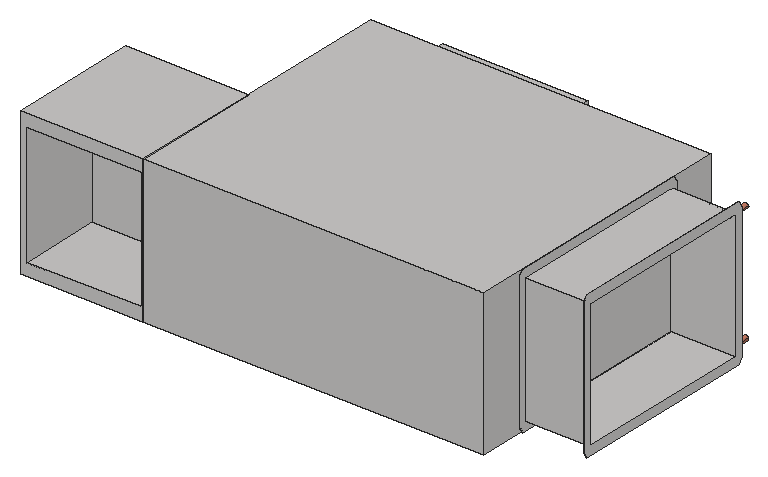
Revit family
Parameters
  Width = 3' - 3"
  Voltage = 277 V
  Unit Weight = if(Number of Rows = 1, "272.0 lbs", if(Number of Rows = 2, "277.0 lbs", "0"))  # "272.0 lbs"
  UltraLoc Liner = Choose Liner Option = 3  # no
  URL = "http://www.titus-hvac.com/"
  UL = "181"
  Supply Air Flow [instance] = 0 CFM
  SteriLoc Liner = Choose Liner Option = 2  # no
  Secondary Material = Copper Connectors
  Primary Air Pressure Drop [instance] = 0.00 in-wg
  Primary Air Flow [instance] = 0 CFM
  Pressure [instance] = 0.00 psi
  Plenum Air Pressure Drop [instance] = 0.00 in-wg
  Plenum Air Flow [instance] = 0 CFM
  Outlet Width = 2' - 1"
  Outlet Height = 1' - 5 1/2"
  Number of Rows = 1
  Number of Poles = 1
  Nominal Width = Width + 0' 6 1/4"  # 3' - 9 1/4"
  Nominal Length = Length + 1' 4 7/8" + 0' 9"  # 6' - 0 5/8"
  Nominal Inlet Size = 0' - 10"
  Nominal Height = 1' - 8"
  NFPA = "90A"
  Motor Full Load Amps [instance] = 3 A
  Model = "DTFS-F"
  Min. Air Flow = 0 CFM
  Max. Air Flow = 1400 CFM
  Material = Galvanized Steel
  Manufacturer = "Titus"
  Length = 3' - 10 3/4"
  Juction Box Offset = 0' - 4 7/8"
  Inlet Diameter = Nominal Inlet Size - 0' 0 1/8"  # 0' - 9 7/8"
  Induced Air Inlet Width = 1' - 4 7/8"
  Induced Air Inlet Offset = (Nominal Height - Induced Air Inlet Connection Height) / 2  # 0' - 1 11/16"
  Induced Air Inlet Height = 1' - 6 1/8"
  Induced Air Inlet Connection Width = 1' - 3 3/4"
  Induced Air Inlet Connection Height = 1' - 4 5/8"
  Induced Air Filter = no
  Heating Total Capacity [instance] = 0 Btu/h
  Heating Entering Water Temp = 0 °F
  Half Outlet Width = 1' - 0 1/2"
  Half Outlet Connection Width = Outlet Width / 2  # 1' - 0 1/2"
  Half Outlet Connection Height = Outlet Height / 2  # 0' - 8 3/4"
  Half Height Start = -(Nominal Height / 2)  # -0' - 10"
  Half Height End = Nominal Height / 2  # 0' - 10"
  HWC Option = HWC Section : D-E - 1 Row
  HWC Connector Radius = 5/16"
  HWC Connector Length = 0' - 3"
  HP-Motor = "1/3"
  Gallons Per Minute [instance] = 0 GPM
  Frequency = 60 Hz
  Flange Offset = 0' - 1 1/4"
  Filter Size = "18\"x17\""
  Fiber Free Liner = Choose Liner Option = 1  # no
  Fan Disconnect Switch = no
  Duct Radius = Nominal Inlet Size / 2  # 0' - 5"
  Description = "Ultra Quiet Series Fan Powered Terminal Unit, Direct Digital Control, Pressure Independent"
  Connector Vertical Offset = if(Number of Rows = 1, 1' 4 1/4", if(Number of Rows = 2, 1' 4 3/4", 0' 0"))  # 1' - 4 1/4"
  Connector Horizontal Offset = if(Number of Rows = 1, 0' 0", if(Number of Rows = 2, 0' 1", 0' 0"))  # 0' - 0"
  Connection Void Radius = Connection Radius - 0' 0 1/4"  # 0' - 4 11/16"
  Connection Radius = Inlet Diameter / 2  # 0' - 4 15/16"
  Choose Liner Option = 0
  CADworks URL = "www.CADworks.net"
  Assembly Code = "D3040100"
  Apparent Power [instance] = Voltage * Motor Full Load Amps  # 831 VA
  Air Inlet Offset = 0' - 7"
  1/2" Fiberglass Liner = Choose Liner Option = 0  # yes
  1" Fiberglass Liner = Choose Liner Option = 4  # no
Reference planes (in)
  plane 1 "Center (Front/Back)": y = 0
  plane 2: z = 0
  plane 3 "Center (Left/Right)": x = 3
  plane 4: x = -20.375
  plane 5: x = 26.375
  plane 6: x = -15.5
  plane 7: x = -23.75
  plane 8 "Center (Elevation)": z = 0
  plane 9: y = -19.5
  plane 10: y = 19.5
  plane 11: y = 12.5
  plane 12: y = -8.25
  plane 13: z = 0.6875
  plane 14: z = -6.875
  plane 15: x = 35.375
  plane 16: x = 34.375
  plane 17: x = 34.375
  plane 18: y = 15.5
  plane 19: z = -8.125
  plane 20: z = 8.125
  plane 21: y = -12.5
  plane 22: y = 12.5
  plane 23: y = 25.75
  plane 24: x = -37.25
  plane 25: z = 10
  plane 26: z = -10
Forms (in)
  Extrusion 1, solid, material "Galvanized Steel" <- "Material"
    sketch origin (0, 0, 0) x (1, 0, 0) y (0, 1, 0)
      loop
        line (-20.375, 19.5) -> (-20.375, -19.5) -> (26.375, -19.5) -> (26.375, 19.5) -> (-20.375, 19.5)
    from -10 <- "Half Height Start" to 10 <- "Half Height End"
  Extrusion 2, solid, material "Galvanized Steel" <- "Material"
    sketch origin (0, 0, 0) x (1, 0, 0) y (0, 1, 0)
      loop
        line (-37.25, -1.375) -> (-37.25, -19.5) -> (-20.375, -19.5) -> (-20.375, -1.375) -> (-37.25, -1.375)
    from -10 <- "Half Height Start" to 10 <- "Half Height End"
  Extrusion 3, void, detail levels fine
    sketch origin (0, -19.5, 0) x (1, 0, 0) y (0, 0, -1)
      loop
        line (-20.625, 8.3125) -> (-36.375, 8.3125) -> (-36.375, -8.3125) -> (-20.625, -8.3125) -> (-20.625, 8.3125)
    from 0 to 11.25
  Extrusion 4, solid, material "Galvanized Steel" <- "Material"
    sketch origin (3.125, 0, 0) x (1, 0, 0) y (0, 1, 0)
      loop
        line (-18.625, 19.5) -> (1.375, 19.5) -> (1.375, 25.75) -> (-18.625, 25.75) -> (-18.625, 19.5)
    from -6 to 6
  Extrusion 5, solid, material "Galvanized Steel" <- "Material"
    sketch origin (-24.875, -3, 0) x (0, 0, -1) y (0, 1, 0)
      loop
        circle (0, 15.5) r 4.9375
    from 1.125 to 4.5
  Extrusion 6, void, detail levels fine
    sketch origin (-24.875, 0, 0) x (0, 1, 0) y (0, 0, 1)
      loop
        circle (12.5, 0) r 4.6875
    from 1.125 to 9.375
  Extrusion 7, void, detail levels fine
    sketch origin (35.375, -12.5, 8.75) x (0, 0, 1) y (0, -1, 0)
      loop
        line (-17.5, 0) -> (-17.5, -25) -> (0, -25) -> (0, 0) -> (-17.5, 0)
    from -0.0625 to 0
  Extrusion 8, solid, material "Copper Connectors" <- "Secondary Material", detail levels fine
    sketch origin (0, 0, 0) x (1, 0, 0) y (0, 0, 1)
      loop
        circle (34.375, 8.125) r 0.3125
    from -15.5 to -12.5625
  Extrusion 9, solid, material "Copper Connectors" <- "Secondary Material", detail levels fine
    sketch origin (0, 0, 0) x (1, 0, 0) y (0, 0, 1)
      loop
        circle (34.375, -8.125) r 0.3125
    from -15.5 to -12.5625
Cuts and joins
  Extrusion 3 cuts Extrusion 2
  Extrusion 6 cuts Extrusion 1
  Extrusion 6 cuts Extrusion 5
Dimensions and locks (in)
  "Length": plane 5 to plane 4
  equal spacing: plane 5, plane 3 "Center (Left/Right)", plane 4
  locked: Extrusion 4 to Extrusion 4 at 20
  "Juction Box Offset": plane 6 to plane 4
  locked: plane 4 to plane 7 at 3.375
  "Width": plane 9 to plane 10
  equal spacing: plane 9, plane 1 "Center (Front/Back)", plane 10
  locked: Extrusion 5 sketch curve to level at 0
  locked: Extrusion 5 sketch curve to plane 11 at 0
  locked: Extrusion 6 sketch curve to level at 0
  locked: Extrusion 6 sketch curve to plane 11 at 0
  locked: Extrusion 4 to Extrusion 4 at 6.25
  locked: Extrusion 4 to Extrusion 4 at 12
  equal spacing: Extrusion 4, plane 8 "Center (Elevation)", Extrusion 4
  locked: plane 12 to plane 9 at 11.25
  "Air Inlet Offset": plane 10 to plane 11
  "Induced Air Inlet Height": cut or joined group of Extrusion 2, Extrusion 3 to cut or joined group of Extrusion 2, Extrusion 3
  locked: cut or joined group of Extrusion 5, Extrusion 6 to cut or joined group of Extrusion 5, Extrusion 6 at 3.375
  locked: plane 12 to plane 12 at 0
  "Induced Air Inlet Connection Height": Extrusion 3 sketch curve to Extrusion 3 sketch curve
  "Induced Air Inlet Offset": Extrusion 3 sketch curve to cut or joined group of Extrusion 2, Extrusion 3
  "Induced Air Inlet Connection Width": Extrusion 3 sketch curve to Extrusion 3 sketch curve
  locked: Extrusion 3 sketch curve to cut or joined group of Extrusion 1, Extrusion 6 at 0.25
  "Connector Vertical Offset": plane 20 to plane 19
  equal spacing: plane 20, plane 8 "Center (Elevation)", plane 19
  locked: plane 15 to plane 5 at 9
  locked: plane 15 to plane 16 at 1
  "Connector Horizontal Offset": plane 16 to plane 17
  locked: Extrusion 8 sketch curve to plane 17 at 0
  locked: Extrusion 8 sketch curve to plane 20 at 0
  locked: Extrusion 9 sketch curve to plane 16 at 0
  locked: Extrusion 9 sketch curve to plane 19 at 0
  "HWC Connector Length": plane 18 to plane 22
  locked: cut or joined group of Extrusion 1, Extrusion 6 to Extrusion 7 at 9
  locked: cut or joined group of Extrusion 2, Extrusion 3 to cut or joined group of Extrusion 2, Extrusion 3 at 16.875
  locked: cut or joined group of Extrusion 2, Extrusion 3 to cut or joined group of Extrusion 2, Extrusion 3 at 20
  equal spacing: cut or joined group of Extrusion 2, Extrusion 3, plane 8 "Center (Elevation)", cut or joined group of Extrusion 2, Extrusion 3
  locked: cut or joined group of Extrusion 1, Extrusion 6 to cut or joined group of Extrusion 1, Extrusion 6 at 20
  equal spacing: cut or joined group of Extrusion 1, Extrusion 6, plane 8 "Center (Elevation)", cut or joined group of Extrusion 1, Extrusion 6
  locked: nested 1 to cut or joined group of Extrusion 1, Extrusion 6 at 1.1875
  locked: cut or joined group of Extrusion 1, Extrusion 6 to nested 1 at 1.1875
  "Connection Radius": radius of Extrusion 5 sketch curve
  "Connection Void Radius": radius of Extrusion 6 sketch curve
  "HWC Connector Radius": radius of Extrusion 8 sketch curve
  "HWC Connector Radius": radius of Extrusion 9 sketch curve
  aligned and locked: plane 10 to Extrusion 4
  aligned and locked: plane 6 to Extrusion 4
  aligned and locked: plane 7 to cut or joined group of Extrusion 5, Extrusion 6
  aligned and locked: plane 18 to Extrusion 8
  aligned and locked: plane 18 to Extrusion 9
  aligned and locked: plane 9 to cut or joined group of Extrusion 2, Extrusion 3  (x3)
  aligned and locked: plane 5 to nested 1
  aligned and locked: plane 15 to nested 1
  aligned and locked: plane 18 to nested 1  (x2)
  aligned and locked: plane 21 to nested 1
  aligned and locked: plane 22 to nested 1
  aligned and locked: plane 5 to cut or joined group of Extrusion 1, Extrusion 6
  aligned and locked: cut or joined group of Extrusion 1, Extrusion 6 to nested 1
  aligned and locked: cut or joined group of Extrusion 1, Extrusion 6 to plane 10
  aligned and locked: Extrusion 4 to cut or joined group of Extrusion 1, Extrusion 6  (x2)
  aligned and locked: cut or joined group of Extrusion 1, Extrusion 6 to plane 4
  aligned and locked: plane 9 to cut or joined group of Extrusion 1, Extrusion 6
  aligned and locked: cut or joined group of Extrusion 5, Extrusion 6 to cut or joined group of Extrusion 1, Extrusion 6
  aligned and locked: nested 1 to cut or joined group of Extrusion 1, Extrusion 6
  aligned and locked: plane 6 to Extrusion 6
  aligned and locked: Extrusion 6 to plane 7
  aligned and locked: Extrusion 3 to plane 12
  aligned and locked: plane 23 to Extrusion 4
  aligned and locked: plane 24 to cut or joined group of Extrusion 2, Extrusion 3
  aligned and locked: plane 25 to cut or joined group of Extrusion 2, Extrusion 3
  aligned and locked: plane 26 to cut or joined group of Extrusion 2, Extrusion 3
  aligned and locked: plane 26 to cut or joined group of Extrusion 1, Extrusion 6
  aligned and locked: plane 25 to cut or joined group of Extrusion 1, Extrusion 6
Automatic sketch dimensions
  Extrusion 1 sketch curve to plane 4 = 0' - 0"
  Extrusion 1 sketch curve to plane 5 = 0' - 0"
  Extrusion 1 sketch curve to plane 9 = 0' - 0"
  Extrusion 1 sketch curve to plane 10 = 0' - 0"
  Extrusion 2 sketch curve to plane 4 = 0' - 0"
  Extrusion 2 sketch curve to plane 9 = 0' - 0"
  plane 1 "Center (Front/Back)" to Extrusion 2 sketch curve = 0' - 1 3/8"
  Extrusion 4 sketch curve to plane 6 = 0' - 0"
  Extrusion 4 sketch curve to plane 10 = 0' - 0"
  plane 3 "Center (Left/Right)" to Extrusion 4 sketch curve = 0' - 1 1/2"
  Extrusion 4 sketch curve to plane 10 = 0' - 6 1/4"
  Extrusion 2 sketch curve to plane 7 = 1' - 1 1/2"
  Extrusion 7 sketch curve to nested 1 = 0' - 0"  (x4)
Nested families (in)
  nested 1: "HWC Section" at (30.875, 0, 0) x (0, 1, 0) z (0, 0, 1), type <- "HWC Option", type "D-E - 1 Row"
Connectors (in)
  electrical at (-5.5, 25.75, 0), driven by "Apparent Power", driven by "Voltage", driven by "Number of Poles"
    settings: on Extrusion 4, index 8
  hvac at (-23.75, 12.5, 0), driven by "Duct Radius", driven by "Primary Air Pressure Drop", driven by "Primary Air Flow"
    settings: on cut or joined group of Extrusion 5, Extrusion 6, index 9
  hvac at (-28.5, -19.5, 0), driven by "Induced Air Inlet Connection Height", driven by "Induced Air Inlet Connection Width", driven by "Plenum Air Pressure Drop", driven by "Plenum Air Flow"
    settings: on cut or joined group of Extrusion 2, Extrusion 3, index 11
  hvac at (35.375, 0, 0), driven by "Outlet Height", driven by "Outlet Width", driven by "Supply Air Flow"
    settings: on Extrusion 7, index 12
  piping at (34.375, 15.5, 8.125), driven by "Gallons Per Minute", driven by "Pressure", driven by "HWC Connector Radius"
    settings: on Extrusion 8, index 13
  piping at (34.375, 15.5, -8.125), driven by "Gallons Per Minute", driven by "HWC Connector Radius", driven by "Pressure"
    settings: on Extrusion 9, index 14
Definition of nested family "HWC Section"
  Parameters (values of type "B-C - 1 Row")
    Visibility = yes
    Secondary Material = Copper Connectors
    Number of Rows = 1
    Material = Galvanized Steel
    Half Width = HWC Width / 2  # 0' - 10 1/4"
    Half Length-Start = -(HWC Length / 2)  # -0' - 4 1/2"
    Half Length-End = HWC Length / 2  # 0' - 4 1/2"
    HWC Connection Radius = 5/16"
    Flange Offset = 0' - 1"
    Duct Vertical Offset = HWC Height - 0' 0 1/2"  # 1' - 0"
    Duct Horizontal Offset = HWC Width - 0' 0 1/2"  # 1' - 8"
    Connector Vertical Offset = 0' - 11 3/4"
    HWC Width = 1' - 8 1/2"
    HWC Height = 1' - 0 1/2"
    HWC Length = 0' - 9"  # constant formula
    Gallons Per Minute = 0 GPM
    Connector Length = 0' - 3"
    Connector Horizontal Offset = 0' - 0"
  Types (5): name | Number of Rows | Half Width | Flange Offset | Duct Vertical Offset | Duct Horizontal Offset | Connector Vertical Offset | HWC Width | HWC Height | Connector Horizontal Offset
    (no name) | 1 | 0' - 10 1/4" | 0' - 1" | 1' - 0" | 1' - 8" | 0' - 11 3/4" | 1' - 8 1/2" | 1' - 0 1/2" | 0' - 0"
    B-C - 1 Row | 1 | 0' - 10 1/4" | 0' - 1" | 1' - 0" | 1' - 8" | 0' - 11 3/4" | 1' - 8 1/2" | 1' - 0 1/2" | 0' - 0"
    B-C - 2 Row | 2 | 0' - 10 1/4" | 0' - 1" | 1' - 0" | 1' - 8" | 0' - 11 3/4" | 1' - 8 1/2" | 1' - 0 1/2" | 0' - 1"
    D-E - 1 Row | 1 | 1' - 0 1/2" | 0' - 1 1/4" | 1' - 5" | 2' - 0 1/2" | 1' - 4 1/4" | 2' - 1" | 1' - 5 1/2" | 0' - 0"
    D-E - 2 Row | 2 | 1' - 0 1/2" | 0' - 1 1/4" | 1' - 5" | 2' - 0 1/2" | 1' - 4 3/4" | 2' - 1" | 1' - 5 1/2" | 0' - 1"
  Reference planes (in)
    plane 1 "Center (Front/Back)": y = 0
    plane 2: z = 0
    plane 3 "Center (Left/Right)": x = 0
    plane 4: x = -10.25
    plane 5: x = 10.25
    plane 6: y = 4.5
    plane 7: y = -4.5
    plane 8: z = 6.25
    plane 9: z = -6.25
    plane 10: z = 5.875
    plane 11: z = -5.875
    plane 12: y = 3.5
    plane 13: y = 3.5
    plane 14: x = 13.25
  Forms (in)
    Extrusion 1, solid, material "Galvanized Steel" <- "Material", visible <- "Visibility"
      sketch origin (0, 0, 0) x (1, 0, 0) y (0, 0, 1)
        loop
          line (-10.3125, 6.3125) -> (-10.3125, -6.3125) -> (10.3125, -6.3125) -> (10.3125, 6.3125) -> (-10.3125, 6.3125)
      from -4.375 <- "Half Length-Start" to 4.5 <- "Half Length-End"
    Extrusion 2, void, detail levels fine
      sketch origin (0, 0, 0) x (1, 0, 0) y (0, 0, 1)
        loop
          line (-10.25, -6.25) -> (10.25, -6.25) -> (10.25, 6.25) -> (-10.25, 6.25) -> (-10.25, -6.25)
      from -4.5 <- "Half Length-Start" to 4.5 <- "Half Length-End"
    Extrusion 3, solid, material "Copper Connectors" <- "Secondary Material", visible <- "Visibility"
      sketch origin (6, 2.625, 0) x (0, 1, 0) y (0, 0, 1)
        loop
          circle (0.875, -5.875) r 0.3125
      from 4.3125 to 7.25
    Extrusion 4, solid, material "Galvanized Steel" <- "Material", visible <- "Visibility"
      sketch origin (0, -4.375, 0) x (1, 0, 0) y (0, 0, 1)
        loop
          line (-10.25, 6.25) -> (-10.25, -6.25) -> (10.25, -6.25) -> (10.25, 6.25) -> (-10.25, 6.25)
        loop
          line (-11.25, 6.75) -> (-11.25, -6.75) -> (-10.75, -7.25) -> (10.75, -7.25) -> (11.25, -6.75) -> (11.25, 6.75) -> (10.75, 7.25) -> (-10.75, 7.25) -> (-11.25, 6.75)
      from 0 to 0.125
    Extrusion 5, solid, material "Copper Connectors" <- "Secondary Material", visible <- "Visibility"
      sketch origin (6, -0.5, 0) x (0, 1, 0) y (0, 0, 1)
        loop
          circle (4, 5.875) r 0.3125
      from 4.3125 to 7.25
    Extrusion 6, solid, material "Galvanized Steel" <- "Material", visible <- "Visibility"
      sketch origin (0, 4.375, 0) x (1, 0, 0) y (0, 0, -1)
        loop
          line (-10.25, -6.25) -> (10.25, -6.25) -> (10.25, 6.25) -> (-10.25, 6.25) -> (-10.25, -6.25)
        loop
          line (-11.25, -6.75) -> (-10.75, -7.25) -> (10.75, -7.25) -> (11.25, -6.75) -> (11.25, 6.75) -> (10.75, 7.25) -> (-10.75, 7.25) -> (-11.25, 6.75) -> (-11.25, -6.75)
      from 0 to 0.125
  Cuts and joins
    Extrusion 2 cuts Extrusion 1
    joined: Extrusion 1, Extrusion 4, Extrusion 6
  Dimensions and locks (in)
    "HWC Width": plane 4 to plane 5
    equal spacing: plane 4, plane 3 "Center (Left/Right)", plane 5
    "HWC Height": plane 8 to plane 9
    equal spacing: plane 8, plane 2, plane 9
    equal spacing: plane 10, plane 2, plane 11
    locked: plane 12 to plane 6 at 1
    "Connector Horizontal Offset": plane 13 to plane 12
    locked: plane 7 to Extrusion 4 at 0.125
    locked: Extrusion 6 to plane 6 at 0.125
    locked: plane 4 to Extrusion 1 sketch curve at 0.0625
    locked: Extrusion 4 to Extrusion 1 sketch curve at 0.0625
    locked: Extrusion 1 sketch curve to plane 8 at 0.0625
    locked: plane 9 to Extrusion 1 sketch curve at 0.0625
    "Connector Length": plane 5 to plane 14
    "HWC Length": plane 6 to plane 7
    equal spacing: plane 6, plane 1 "Center (Front/Back)", plane 7
    "Connector Vertical Offset": plane 10 to plane 11
    equal spacing: plane 10, level, plane 11
    "HWC Width": Extrusion 4 sketch curve to Extrusion 4 sketch curve
    equal spacing: Extrusion 4 sketch curve, plane 3 "Center (Left/Right)", Extrusion 4 sketch curve
    "HWC Height": Extrusion 4 sketch curve to Extrusion 4 sketch curve
    equal spacing: Extrusion 4 sketch curve, plane 2, Extrusion 4 sketch curve
    locked: cut or joined group of Extrusion 1, Extrusion 2, Extrusion 4, Extrusion 6 to plane 4 at 1  (x2)
    locked: cut or joined group of Extrusion 1, Extrusion 2, Extrusion 4, Extrusion 6 to plane 5 at 1  (x2)
    "HWC Width": Extrusion 6 sketch curve to Extrusion 6 sketch curve
    "HWC Height": Extrusion 6 sketch curve to Extrusion 6 sketch curve
    equal spacing: Extrusion 6 sketch curve, plane 3 "Center (Left/Right)", Extrusion 6 sketch curve
    equal spacing: Extrusion 6 sketch curve, plane 2, Extrusion 6 sketch curve
    "HWC Height": Extrusion 2 sketch curve to Extrusion 2 sketch curve
    "HWC Width": Extrusion 2 sketch curve to Extrusion 2 sketch curve
    equal spacing: Extrusion 2 sketch curve, plane 3 "Center (Left/Right)", Extrusion 2 sketch curve
    equal spacing: Extrusion 2 sketch curve, plane 2, Extrusion 2 sketch curve
    locked: plane 5 to Extrusion 3 at 0.0625
    locked: plane 5 to Extrusion 5 at 0.0625
    "Flange Offset": cut or joined group of Extrusion 1, Extrusion 2, Extrusion 4, Extrusion 6 to plane 8
    "Flange Offset": plane 9 to cut or joined group of Extrusion 1, Extrusion 2, Extrusion 4, Extrusion 6
    "Flange Offset": plane 8 to cut or joined group of Extrusion 1, Extrusion 2, Extrusion 4, Extrusion 6
    "Flange Offset": cut or joined group of Extrusion 1, Extrusion 2, Extrusion 4, Extrusion 6 to plane 9
    "HWC Connection Radius": radius of Extrusion 3 sketch curve
    "HWC Connection Radius": radius of Extrusion 5 sketch curve
    aligned and locked: plane 7 to Extrusion 4
    aligned and locked: plane 6 to Extrusion 6
    aligned and locked: plane 14 to Extrusion 5
    aligned and locked: plane 14 to Extrusion 3
    aligned and locked: Extrusion 6 to cut or joined group of Extrusion 1, Extrusion 2, Extrusion 4, Extrusion 6
    aligned and locked: Extrusion 4 to Extrusion 4
  Automatic sketch dimensions
    Extrusion 3 sketch curve to plane 11 = 0' - 0"
    Extrusion 3 sketch curve to plane 12 = 0' - 0"
    Extrusion 5 sketch curve to plane 10 = 0' - 0"
    Extrusion 5 sketch curve to plane 13 = 0' - 0"
    plane 4 to Extrusion 6 sketch curve = 0' - 1"
    plane 4 to Extrusion 6 sketch curve = 0' - 0 1/2"  (x2)
    Extrusion 6 sketch curve to plane 5 = 0' - 0 1/2"  (x2)
    Extrusion 6 sketch curve to Extrusion 6 sketch curve = 0' - 0 1/2"  (x3)
    plane 8 to Extrusion 6 sketch curve = 0' - 0 1/2"  (x2)
    Extrusion 6 sketch curve to plane 9 = 0' - 0 1/2"  (x2)
    plane 4 to Extrusion 4 sketch curve = 0' - 0 1/2"  (x2)
    Extrusion 4 sketch curve to Extrusion 4 sketch curve = 0' - 0 1/2"  (x4)
    Extrusion 4 sketch curve to plane 5 = 0' - 0 1/2"  (x2)
    Extrusion 4 sketch curve to plane 9 = 0' - 0 1/2"  (x2)
    plane 8 to Extrusion 4 sketch curve = 0' - 0 1/2"  (x2)
